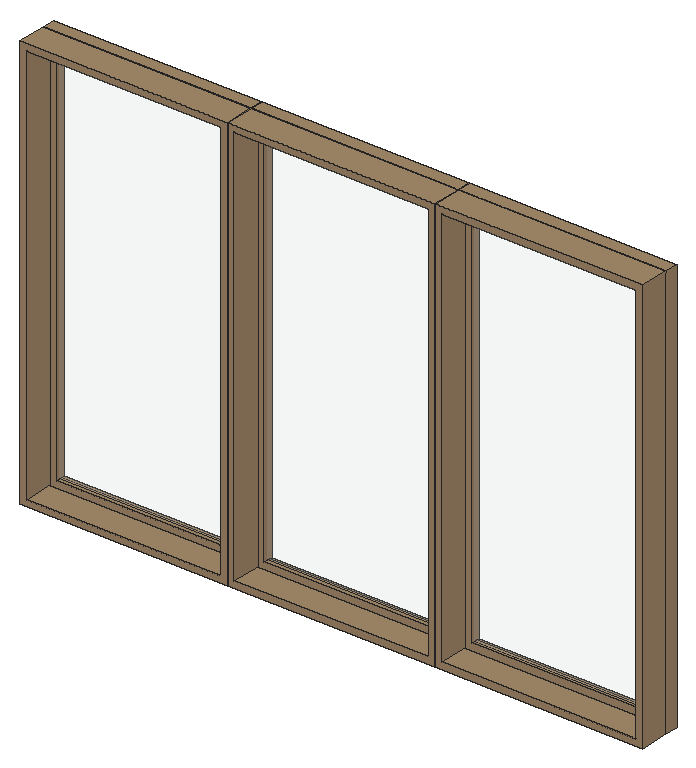
Revit family "3.00X2.00_VwWindow", category Windows, host Wall, Revit 2021
Family settings
  Host = Wall
  OmniClass Number = 23.30.20.17.11
  OmniClass Title = Fixed Windows
  Always vertical = Yes
  Cut with Voids When Loaded = No
  Shared = No
  Room Calculation Point = No
Parameters (values of type "1.5 x 2")
  Visual Light Transmittance = 0.9
  Thermal Resistance (R) = 1.53941 (h·ft²·°F)/BTU
  Solar Heat Gain Coefficient = 0.78
  Define Thermal Properties by = Schematic Type
  Construction Type Id = "GSP4R"
  Heat Transfer Coefficient (U) = 0.6496 BTU/(h·ft²·°F)
  Assembly Code = "B2020100"
  Glass Pane Material = Glass
  Height = 2.00 m
  Sash Material = Sash
  Default Sill Height = 0.9144 m
  Wall Closure = By host
  Width = 1.00 m
  Window Inset = 0.01905 m
  Analytic Construction = "1/8 in Pilkington single glazing"
Types (4, lengths in m): name | Height | Width
  1.5 x 2 | 2.00 | 1.00
  2 x 2 | 2.06 | 2.06
  0.53 | 2.10 | 0.53
  1 x 2 | 2.00 | 1.00
Reference planes (m)
  plane 1: y = 0
  plane 2: z = 0
  plane 3 "Center": x = -0.0381
  plane 4 "Left": x = -0.5381
  plane 5 "Right": x = 0.4619
  plane 6 "Sill": z = 0.9144
  plane 7 "Top": z = 2.9144
  plane 8: y = 0.1016
  plane 9: y = -0.1016
  plane 10: y = 0.08255
  plane 11: x = -0.51905
  plane 12: x = -0.50635
  plane 13: x = 0.44285
  plane 14: x = 0.43015
  plane 15: z = 2.89535
  plane 16: z = 2.88265
  plane 17: z = 0.94615
  plane 18 "Closure": y = 0.053975
Forms (m)
  Extrusion 1, solid, material "Sash" <- "Sash Material"
    sketch origin (0, 0, 0) x (1, 0, 0) y (0, 0, 1)
      loop
        line (-0.5381, 2.9144) -> (-0.5381, 0.9144) -> (0.4619, 0.9144) -> (0.4619, 2.9144) -> (-0.5381, 2.9144)
      loop
        line (-0.51905, 2.89535) -> (-0.51905, 0.93345) -> (0.44285, 0.93345) -> (0.44285, 2.89535) -> (-0.51905, 2.89535)
    from -0.1016 to -0.0381
  Extrusion 2, solid, material "Sash" <- "Sash Material"
    sketch origin (0, 0, 0) x (-1, 0, 0) y (0, 0, 1)
      loop
        line (-0.4619, 2.9144) -> (-0.4619, 0.9144) -> (0.5381, 0.9144) -> (0.5381, 2.9144) -> (-0.4619, 2.9144)
      loop
        line (-0.43015, 2.88265) -> (-0.43015, 0.94615) -> (0.50635, 0.94615) -> (0.50635, 2.88265) -> (-0.43015, 2.88265)
    from 0.0381 to -0.1016
  Extrusion 3, solid, material "Sash" <- "Sash Material"
    sketch origin (0, 0, 0) x (-1, 0, 0) y (0, 0, 1)
      loop
        line (-0.44285, 2.89535) -> (-0.44285, 0.93345) -> (0.51905, 0.93345) -> (0.51905, 2.89535) -> (-0.44285, 2.89535)
      loop
        line (-0.3984, 2.8509) -> (-0.3984, 0.9779) -> (0.4746, 0.9779) -> (0.4746, 2.8509) -> (-0.3984, 2.8509)
    from 0.0381 to 0.08255
  Extrusion 4, solid, material "Glass" <- "Glass Pane Material"
    sketch origin (-0.124971, 0, -0.117036) x (1, 0, 0) y (0, 0, 1)
      loop
        line (-0.349629, 2.967936) -> (-0.349629, 1.094936) -> (0.523371, 1.094936) -> (0.523371, 2.967936) -> (-0.349629, 2.967936)
    from -0.066675 to -0.053975
  Extrusion 5, solid, material "Sash" <- "Sash Material"
    sketch origin (-1, 0, 0) x (1, 0, 0) y (0, 0, 1)
      loop
        line (-0.5381, 2.9144) -> (-0.5381, 0.9144) -> (0.4619, 0.9144) -> (0.4619, 2.9144) -> (-0.5381, 2.9144)
      loop
        line (-0.51905, 2.89535) -> (-0.51905, 0.93345) -> (0.44285, 0.93345) -> (0.44285, 2.89535) -> (-0.51905, 2.89535)
    from -0.1016 to -0.0381
  Extrusion 6, solid, material "Sash" <- "Sash Material"
    sketch origin (-1, 0, 0) x (-1, 0, 0) y (0, 0, 1)
      loop
        line (-0.4619, 2.9144) -> (-0.4619, 0.9144) -> (0.5381, 0.9144) -> (0.5381, 2.9144) -> (-0.4619, 2.9144)
      loop
        line (-0.43015, 2.88265) -> (-0.43015, 0.94615) -> (0.50635, 0.94615) -> (0.50635, 2.88265) -> (-0.43015, 2.88265)
    from 0.0381 to -0.1016
  Extrusion 7, solid, material "Sash" <- "Sash Material"
    sketch origin (-1, 0, 0) x (-1, 0, 0) y (0, 0, 1)
      loop
        line (-0.44285, 2.89535) -> (-0.44285, 0.93345) -> (0.51905, 0.93345) -> (0.51905, 2.89535) -> (-0.44285, 2.89535)
      loop
        line (-0.3984, 2.8509) -> (-0.3984, 0.9779) -> (0.4746, 0.9779) -> (0.4746, 2.8509) -> (-0.3984, 2.8509)
    from 0.0381 to 0.08255
  Extrusion 8, solid, material "Glass" <- "Glass Pane Material"
    sketch origin (-1.124971, 0, -0.117036) x (1, 0, 0) y (0, 0, 1)
      loop
        line (-0.349629, 2.967936) -> (-0.349629, 1.094936) -> (0.523371, 1.094936) -> (0.523371, 2.967936) -> (-0.349629, 2.967936)
    from -0.066675 to -0.053975
  Extrusion 9, solid, material "Sash" <- "Sash Material"
    sketch origin (-2, 0, 0) x (1, 0, 0) y (0, 0, 1)
      loop
        line (-0.5381, 2.9144) -> (-0.5381, 0.9144) -> (0.4619, 0.9144) -> (0.4619, 2.9144) -> (-0.5381, 2.9144)
      loop
        line (-0.51905, 2.89535) -> (-0.51905, 0.93345) -> (0.44285, 0.93345) -> (0.44285, 2.89535) -> (-0.51905, 2.89535)
    from -0.1016 to -0.0381
  Extrusion 10, solid, material "Sash" <- "Sash Material"
    sketch origin (-2, 0, 0) x (-1, 0, 0) y (0, 0, 1)
      loop
        line (-0.4619, 2.9144) -> (-0.4619, 0.9144) -> (0.5381, 0.9144) -> (0.5381, 2.9144) -> (-0.4619, 2.9144)
      loop
        line (-0.43015, 2.88265) -> (-0.43015, 0.94615) -> (0.50635, 0.94615) -> (0.50635, 2.88265) -> (-0.43015, 2.88265)
    from 0.0381 to -0.1016
  Extrusion 11, solid, material "Sash" <- "Sash Material"
    sketch origin (-2, 0, 0) x (-1, 0, 0) y (0, 0, 1)
      loop
        line (-0.44285, 2.89535) -> (-0.44285, 0.93345) -> (0.51905, 0.93345) -> (0.51905, 2.89535) -> (-0.44285, 2.89535)
      loop
        line (-0.3984, 2.8509) -> (-0.3984, 0.9779) -> (0.4746, 0.9779) -> (0.4746, 2.8509) -> (-0.3984, 2.8509)
    from 0.0381 to 0.08255
  Extrusion 12, solid, material "Glass" <- "Glass Pane Material"
    sketch origin (-2.124971, 0, -0.117036) x (1, 0, 0) y (0, 0, 1)
      loop
        line (-0.349629, 2.967936) -> (-0.349629, 1.094936) -> (0.523371, 1.094936) -> (0.523371, 2.967936) -> (-0.349629, 2.967936)
    from -0.066675 to -0.053975
Lines and regions (m)
  Opening 1
    outline origin (-1.524, -0.1016, 0) x (1, 0, 0) y (0, 0, 1)
      loop
        line (0.9859, 2.9144) -> (0.9859, 0.9144) -> (1.9859, 0.9144) -> (1.9859, 2.9144) -> (0.9859, 2.9144)
  Opening 2
    outline origin (-1.01797, 0.1016, 0) x (-1, 0, 0) y (0, 0, 1)
      loop
        line (0.52013, 2.9144) -> (-0.47987, 2.9144) -> (-0.47987, 0.9144) -> (0.52013, 0.9144) -> (0.52013, 2.9144)
  Opening 3
    outline origin (-0.50333, 0.1016, -0.03175) x (-1, 0, 0) y (0, 0, 1)
      loop
        line (2.03477, 2.94615) -> (1.03477, 2.94615) -> (1.03477, 0.94615) -> (2.03477, 0.94615) -> (2.03477, 2.94615)
  symbolic lines, style "WindowsFrameMullionProjection"
    curve 1: line (-0.5381, 0.1016, 0) -> (-0.51905, 0.1016, 0)
    curve 2: line (-0.51905, 0.0381, 0) -> (-0.51905, 0.1016, 0)
    curve 3: line (-0.51905, 0.0381, 0) -> (-0.50635, 0.0381, 0)
    curve 4: line (-0.50635, -0.1016, 0) -> (-0.50635, 0.0381, 0)
    curve 5: line (0.4619, 0.1016, 0) -> (0.44285, 0.1016, 0)
    curve 6: line (0.43015, 0.0381, 0) -> (0.43015, -0.1016, 0)
    curve 7: line (0.43015, 0.0381, 0) -> (0.44285, 0.0381, 0)
    curve 8: line (0.44285, 0.0381, 0) -> (0.44285, 0.1016, 0)
    curve 9: line (-0.51905, 0.08255, 0) -> (-0.4746, 0.08255, 0)
    curve 10: line (-0.51905, 0.08255, 0) -> (-0.51905, 0.0381, 0)
    curve 11: line (-0.51905, 0.0381, 0) -> (-0.4746, 0.0381, 0)
    curve 12: line (-0.4746, 0.08255, 0) -> (-0.4746, 0.0381, 0)
    curve 13: line (0.44285, 0.08255, 0) -> (0.3984, 0.08255, 0)
    curve 14: line (0.44285, 0.08255, 0) -> (0.44285, 0.0381, 0)
    curve 15: line (0.44285, 0.0381, 0) -> (0.3984, 0.0381, 0)
    curve 16: line (0.3984, 0.08255, 0) -> (0.3984, 0.0381, 0)
    curve 18: line (-0.50635, -0.1016, 0) -> (-0.5381, -0.1016, 0)
    curve 19: line (0.43015, -0.1016, 0) -> (0.4619, -0.1016, 0)
  symbolic lines, style "WindowsGlassProjection"
    curve 17: line (-0.4746, 0.060325, 0) -> (0.3984, 0.060325, 0)
Text (m)
  text "EXTERIOR" at (-1.437207, 1.354346, 0), in view "Floor Line"
  text "INTERIOR" at (-1.490695, -1.070518, 0), in view "Floor Line"
  text "Exterior" at (0, 1.10887, 3.415022), in view "Left"
  text "Exterior" at (0, 0.464664, 3.176206), in view "Right"
Dimensions and locks (m)
  equal spacing: plane 4 "Left", plane 3 "Center", plane 5 "Right"
  "Width": plane 4 "Left" to plane 5 "Right"
  plane 2 to plane 6 "Sill" to plane 16 to plane 7 "Top" = 0.9144 m, 1.96825 m, 0.03175 m
  "Window Inset": plane 8 to plane 10
  locked: plane 10 to Extrusion 3 at 0.04445
  locked: plane 10 to Extrusion 4 at 0.015875
  locked: Extrusion 4 to Extrusion 4 at 0.0127
  locked: plane 4 "Left" to plane 11 at 0.01905
  locked: plane 13 to plane 5 "Right" at 0.01905
  locked: plane 14 to plane 5 "Right" at 0.03175
  locked: plane 4 "Left" to plane 12 at 0.03175
  locked: plane 15 to plane 7 "Top" at 0.01905
  locked: plane 7 "Top" to plane 16 at 0.03175
  locked: plane 17 to plane 6 "Sill" at 0.03175
  "Height": plane 7 "Top" to plane 6 "Sill"
  "Default Sill Height": plane 6 "Sill" to plane 2
  locked: plane 10 to plane 18 "Closure" at 0.028575
  aligned and locked: plane 7 "Top" to Opening 1 sketch curve
  aligned and locked: plane 6 "Sill" to Opening 1 sketch curve  (x2)
  aligned and locked: plane 5 "Right" to Opening 1 sketch curve
  aligned and locked: plane 4 "Left" to Opening 1 sketch curve
  aligned and locked: plane 9 to host wall
  aligned and locked: host wall to Extrusion 2
  aligned and locked: plane 10 to Extrusion 3
  aligned and locked: plane 8 to host wall
  aligned and locked: host wall to Extrusion 1
  aligned and locked: Extrusion 2 to Extrusion 1
  aligned and locked: Extrusion 1 to Extrusion 3
  aligned and locked: Extrusion 4 sketch curve to Extrusion 3  (x4)
  aligned and locked: curve 5 to Extrusion 1  (x2)
  aligned and locked: curve 6 to Extrusion 2
  aligned and locked: curve 4 to Extrusion 2
  aligned and locked: curve 16 to Extrusion 3
  aligned and locked: Extrusion 1 to curve 11
  aligned and locked: Extrusion 1 to curve 7
  aligned and locked: host wall to Extrusion 6
  aligned and locked: host wall to Extrusion 5
  aligned and locked: Extrusion 6 to Extrusion 5
  aligned and locked: Extrusion 5 to Extrusion 7
  aligned and locked: Extrusion 8 sketch curve to Extrusion 7  (x4)
  aligned and locked: host wall to Extrusion 10
  aligned and locked: host wall to Extrusion 9
  aligned and locked: Extrusion 10 to Extrusion 9
  aligned and locked: Extrusion 9 to Extrusion 11
  aligned and locked: Extrusion 12 sketch curve to Extrusion 11  (x4)
Automatic sketch dimensions
  Extrusion 1 sketch curve to plane 4 "Left" = 0.00 m
  Extrusion 1 sketch curve to plane 5 "Right" = 0.00 m
  Extrusion 1 sketch curve to plane 4 "Left" = 0.01905 m
  plane 5 "Right" to Extrusion 1 sketch curve = 0.01905 m
  Extrusion 1 sketch curve to plane 6 "Sill" = 0.00 m
  Extrusion 1 sketch curve to plane 7 "Top" = 0.00 m
  Extrusion 1 sketch curve to plane 6 "Sill" = 0.01905 m
  plane 7 "Top" to Extrusion 1 sketch curve = 0.01905 m
  Extrusion 2 sketch curve to plane 5 "Right" = 0.00 m
  Extrusion 2 sketch curve to plane 4 "Left" = 0.00 m
  plane 5 "Right" to Extrusion 2 sketch curve = 0.03175 m
  Extrusion 2 sketch curve to plane 4 "Left" = 0.03175 m
  Extrusion 2 sketch curve to plane 6 "Sill" = 0.00 m
  Extrusion 2 sketch curve to plane 7 "Top" = 0.00 m
  Extrusion 2 sketch curve to plane 6 "Sill" = 0.03175 m
  plane 7 "Top" to Extrusion 2 sketch curve = 0.03175 m
  plane 5 "Right" to Extrusion 3 sketch curve = 0.01905 m
  plane 5 "Right" to Extrusion 3 sketch curve = 0.0635 m
  Extrusion 3 sketch curve to plane 4 "Left" = 0.0635 m
  Extrusion 3 sketch curve to plane 4 "Left" = 0.01905 m
  Extrusion 3 sketch curve to plane 6 "Sill" = 0.01905 m
  Extrusion 3 sketch curve to plane 6 "Sill" = 0.0635 m
  plane 7 "Top" to Extrusion 3 sketch curve = 0.0635 m
  plane 7 "Top" to Extrusion 3 sketch curve = 0.01905 m
  Opening 2 sketch curve to plane 7 "Top" = 0.00 m
  Opening 2 sketch curve to plane 6 "Sill" = 0.00 m
  plane 4 "Left" to Opening 2 sketch curve = 0.00 m
  Opening 2 sketch curve to Opening 2 sketch curve = 1.00 m
  Extrusion 5 sketch curve to plane 6 "Sill" = 0.00 m
  Extrusion 5 sketch curve to plane 7 "Top" = 0.00 m
  Extrusion 5 sketch curve to plane 15 = 0.00 m
  plane 4 "Left" to Extrusion 5 sketch curve = 1.00 m
  plane 17 to Extrusion 5 sketch curve = 0.0127 m
  Extrusion 5 sketch curve to Extrusion 5 sketch curve = 0.01905 m  (x2)
  plane 4 "Left" to Extrusion 5 sketch curve = 0.01905 m
  Extrusion 6 sketch curve to plane 6 "Sill" = 0.00 m
  Extrusion 6 sketch curve to plane 7 "Top" = 0.00 m
  Extrusion 6 sketch curve to plane 17 = 0.00 m
  Extrusion 6 sketch curve to plane 16 = 0.00 m
  plane 4 "Left" to Extrusion 6 sketch curve = 0.00 m
  Extrusion 6 sketch curve to Extrusion 6 sketch curve = 0.03175 m  (x2)
  Extrusion 6 sketch curve to Extrusion 6 sketch curve = 0.9365 m
  Extrusion 7 sketch curve to plane 15 = 0.00 m
  plane 17 to Extrusion 7 sketch curve = 0.0127 m
  plane 4 "Left" to Extrusion 7 sketch curve = 0.01905 m
  Extrusion 7 sketch curve to Extrusion 7 sketch curve = 0.04445 m  (x2)
  plane 16 to Extrusion 7 sketch curve = 0.03175 m
  Extrusion 7 sketch curve to Extrusion 7 sketch curve = 0.873 m
  Extrusion 7 sketch curve to plane 17 = 0.03175 m
  host wall to curve 18 = 0.00 m
  curve 18 to plane 4 "Left" = 0.00 m
  curve 1 to host wall = 0.00 m
  curve 1 to plane 4 "Left" = 0.00 m
  curve 2 to plane 11 = 0.00 m
  curve 9 to plane 10 = 0.00 m
  curve 14 to plane 10 = 0.00 m
  curve 14 to plane 13 = 0.00 m
  host wall to curve 19 = 0.00 m
  curve 19 to plane 5 "Right" = 0.00 m
  curve 11 to plane 12 = 0.03175 m
  curve 17 to plane 18 "Closure" = 0.00635 m
  plane 17 to Opening 3 sketch curve = 0.03175 m
  Opening 3 sketch curve to plane 7 "Top" = 0.00 m
  plane 4 "Left" to Opening 3 sketch curve = 1.00 m
  Opening 3 sketch curve to Opening 3 sketch curve = 1.00 m
  plane 17 to Extrusion 9 sketch curve = 0.03175 m
  plane 4 "Left" to Extrusion 9 sketch curve = 2.00 m
  Extrusion 9 sketch curve to Extrusion 9 sketch curve = 0.01905 m  (x3)
  plane 7 "Top" to Extrusion 9 sketch curve = 0.01905 m
  Extrusion 9 sketch curve to Extrusion 9 sketch curve = 0.9619 m
  plane 17 to Extrusion 9 sketch curve = 0.0127 m
  plane 17 to Extrusion 10 sketch curve = 0.03175 m
  plane 7 "Top" to Extrusion 10 sketch curve = 0.03175 m
  plane 4 "Left" to Extrusion 10 sketch curve = 1.00 m
  Extrusion 10 sketch curve to Extrusion 10 sketch curve = 0.03175 m  (x2)
  Extrusion 10 sketch curve to Extrusion 10 sketch curve = 0.9365 m
  Extrusion 10 sketch curve to plane 17 = 0.00 m
  Extrusion 10 sketch curve to plane 7 "Top" = 0.00 m
  plane 16 to Extrusion 11 sketch curve = 0.03175 m
  plane 17 to Extrusion 11 sketch curve = 0.0127 m
  plane 4 "Left" to Extrusion 11 sketch curve = 1.01905 m
  Extrusion 11 sketch curve to Extrusion 11 sketch curve = 0.04445 m  (x3)
  Extrusion 11 sketch curve to Extrusion 11 sketch curve = 0.873 m
  plane 7 "Top" to Extrusion 11 sketch curve = 0.01905 m
